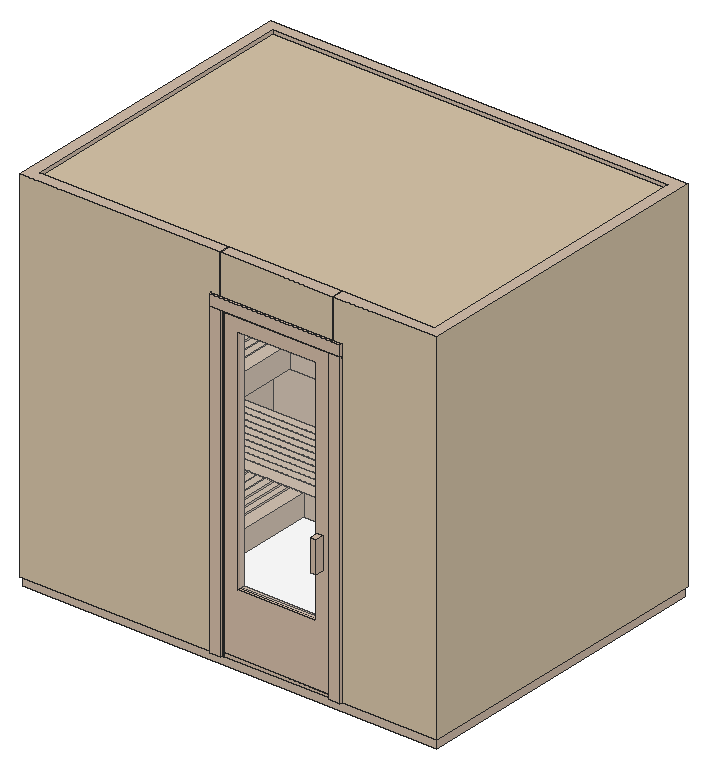
Revit family "Sauna-Room_Prefab_Finlandia_FPF-68", category Specialty Equipment, Revit 2026
Family settings
  Round Connector Dimension = Use Diameter
  Part Type = Normal
  Classification Number = 23.40.50.34.37
  Work Plane-Based = Yes
  Enable Cutting in Views = No
  Always vertical = No
  Cut with Voids When Loaded = No
  Maintain Annotation Orientation = No
  Shared = No
  Room Calculation Point = No
Parameters (values of type "Indoor Reversed as Specified")
  Warranty Duration (Years) = 0
  Wall Thickness = 0' - 2 1/2"
  Unit Width = 8' - 0"
  Unit Height = 7' - 1"
  Unit Depth = 6' - 0"
  URL = "http://www.finlandiasauna.com/index.html"
  UBRRO = 0' - 0"  # constant formula
  UBRLO = 0' - 0"  # constant formula
  Structural Frame Material [instance] = Wood - Red Cedar - Finlandia - Finish as Specified
  Standard = not(Reversed)  # no
  Specification = "http://www.arcat.com/sdspecs/htm/13052fin.htm"
  SpecWizard = ""
  Send Message = "http://www.arcat.com/users.pl?action=UserEmail&amp;company=Finlandia+Sauna+Products,+Inc.&amp;coid=32492&amp;rep=133&amp;fax=503-684-1120&amp;mf=95"
  Sales Information = "http://www.finlandiasauna.com/sauna-contactus.html"
  Revision = "R1_2014-07"
  Reversed = yes
  Product Properties = ""
  Product Data = "http://www.arcat.com/arcatcos/cos9532/arc32492.html"
  Model = "FPF 68"
  Manufacturer Website = "http://www.finlandiasauna.com/index.html"
  Manufacturer Phone - Toll Free = "800-354-3342"
  Manufacturer Phone = "503-684-8289"
  Manufacturer Fax = "503-684-1120"
  Manufacturer Address = "14010-B S.W. 72nd Ave.  Portland, OR 97224-0088"
  Manufacturer = "Finlandia Sauna Products, Inc."
  Maintenance Schedule (Months) = 0
  LBRRO = 0' - 0"  # constant formula
  LBRLO = 0' - 0"  # constant formula
  Keynote = "13052"
  Interior Finish [instance] = Wood - TnG - Finlandia - Red Cedar as Specified
  Installation-Fabrication = ""
  Installation Phase = ""
  Heater Type [instance] = SaunaHeater : FIN 3 kW
  Green Building-LEED = "http://www.arcat.com/green/clients95/leed_data_32492.html"
  Exterior Finish [instance] = Wood - Mahogany - Finlandia - Finish as Specified
  Exposed Base [instance] = 0' - 2"
  Expected Lifespan (Years) = 0
  Drawn By = "Sumex Design, Inc. / Robert S. Weygant, CSI, CDT, SCIP"
  DoorOffset = if(Reversed, Unit Width - 3' 10" - Door RO Width, 3' 10")  # 2' - 0"
  Door Slab Finish [instance] = Wood - Douglas Fir - Finlandia - Finish as Specified
  Door RO Width = 2' - 2"
  Door RO Height [instance] = 6' - 0"
  Door Glazing Finish [instance] = Glazing - Finlandia - Clear
  Door Frame Finish [instance] = Wood - Douglas Fir - Finlandia - Finish as Specified
  Description = "Finlandia Prefab Modular Sauna Room - FPF 68 as Specified"
  Default Elevation = 0' - 0"
  Copyright = "©Arcat Inc."
  Construction Details = "http://www.arcat.com/details/finsauna/95finsauna.html?coid=32492"
  Capacity = "6 People"
  Bench Slat Material [instance] = Wood - Red Cedar - Finlandia - Finish as Specified
  Assembly Code = "F1010300"
Types (2): name | Standard | Reversed | DoorOffset
  Indoor Reversed as Specified | no | yes | 2' - 0"
  Indoor Standard as Specified | yes | no | 3' - 10"
Reference planes (in)
  plane 1 "Center (Front/Back)": y = 0
  plane 2 "Bottom": z = 0
  plane 3 "Center (Left/Right)": x = 0
  plane 4 "Front": y = -36
  plane 5 "Back": y = 36
  plane 6 "Left": x = -48
  plane 7 "Right": x = 48
  plane 8 "Top": z = 85
  plane 9: x = -45.5
  plane 10: x = 45.5
  plane 11: y = 33.5
  plane 12: y = -33.5
  plane 13: z = 2
  plane 14: x = -2
  plane 15: x = 24
  plane 16: z = 74
Forms (in)
  Extrusion 1, solid, material "Wood - Red Cedar - Finlandia - Finish as Specified" <- "Structural Frame Material"
    sketch origin (0, 0, 0) x (1, 0, 0) y (0, 1, 0)
      loop
        line (-47.65625, 35.65625) -> (-47.65625, -35.65625) -> (47.65625, -35.65625) -> (47.65625, 35.65625) -> (-47.65625, 35.65625)
      loop
        line (-46.15625, 34.15625) -> (-46.15625, -34.15625) -> (46.15625, -34.15625) -> (46.15625, 34.15625) -> (-46.15625, 34.15625)
    from 0 to 2
  Extrusion 2, solid, material "Wood - Red Cedar - Finlandia - Finish as Specified" <- "Structural Frame Material"
    sketch origin (0, 0, 0) x (1, 0, 0) y (0, 1, 0)
      loop
        line (-45.5, -33.5) -> (-45.5, 33.5) -> (45.5, 33.5) -> (45.5, -33.5) -> (24, -33.5) -> (24, -36) -> (48, -36) -> (48, 36) -> (-48, 36) -> (-48, -36) -> (-2, -36) -> (-2, -33.5) -> (-45.5, -33.5)
    from 2 to 85
  Sweep 3, solid, material "Wood - Red Cedar - Finlandia - Finish as Specified" <- "Bench Slat Material", visible <- "Reversed"
    path origin (0, 0, 0) x (1, 0, 0) y (0, 1, 0)
      loop
        line (-45.5, -33.5) -> (-45.5, 13.5)
    profile "Bench : Bench" origin (-45.5, -10, 0) x (-1, 0, 0) y (0, 0, 1)
      loop
        line (0, 31.5) -> (0, 36) -> (-1.625, 36) -> (-1.625, 34.5) -> (-2, 34.5) -> (-2, 36) -> (-3.5, 36) -> (-3.5, 34.5) -> (-3.875, 34.5) -> (-3.875, 36) -> (-5.375, 36) -> (-5.375, 34.5) -> (-5.75, 34.5) -> (-5.75, 36) -> (-7.25, 36) -> (-7.25, 34.5) -> (-7.625, 34.5) -> (-7.625, 36) -> (-9.125, 36) -> (-9.125, 34.5) -> (-9.5, 34.5) -> (-9.5, 36) -> (-11, 36) -> (-11, 34.5) -> (-11.375, 34.5) -> (-11.375, 36) -> (-12.875, 36) -> (-12.875, 34.5) -> (-13.25, 34.5) -> (-13.25, 36) -> (-14.75, 36) -> (-14.75, 34.5) -> (-15.125, 34.5) -> (-15.125, 36) -> (-16.625, 36) -> (-16.625, 34.5) -> (-17, 34.5) -> (-17, 36) -> (-20, 36) -> (-20, 31) -> (-18.5, 31) -> (-18.5, 31.5) -> (0, 31.5)
  Sweep 4, solid, material "Wood - Red Cedar - Finlandia - Finish as Specified" <- "Bench Slat Material", visible <- "Standard"
    path origin (0, 0, 0) x (-1, 0, 0) y (0, 1, 0)
      loop
        line (-45.5, -33.5) -> (-45.5, 13.5)
    profile "Bench : Bench" origin (45.5, -10, 0) x (-1, 0, 0) y (0, 0, 1)
      loop
        line (0, 31.5) -> (18.5, 31.5) -> (18.5, 31) -> (20, 31) -> (20, 36) -> (17, 36) -> (17, 34.5) -> (16.625, 34.5) -> (16.625, 36) -> (15.125, 36) -> (15.125, 34.5) -> (14.75, 34.5) -> (14.75, 36) -> (13.25, 36) -> (13.25, 34.5) -> (12.875, 34.5) -> (12.875, 36) -> (11.375, 36) -> (11.375, 34.5) -> (11, 34.5) -> (11, 36) -> (9.5, 36) -> (9.5, 34.5) -> (9.125, 34.5) -> (9.125, 36) -> (7.625, 36) -> (7.625, 34.5) -> (7.25, 34.5) -> (7.25, 36) -> (5.75, 36) -> (5.75, 34.5) -> (5.375, 34.5) -> (5.375, 36) -> (3.875, 36) -> (3.875, 34.5) -> (3.5, 34.5) -> (3.5, 36) -> (2, 36) -> (2, 34.5) -> (1.625, 34.5) -> (1.625, 36) -> (0, 36) -> (0, 31.5)
  Sweep 5, solid, material "Wood - Red Cedar - Finlandia - Finish as Specified" <- "Bench Slat Material"
    path origin (-77.70319, 6.79815, 0) x (-1, 0, 0) y (0, 1, 0)
      loop
        line (-123.20319, 26.70185) -> (-32.20319, 26.70185)
    profile "Bench : Bench" origin (0, 33.5, 0) x (0, -1, 0) y (0, 0, 1)
      loop
        line (0, 31.5) -> (18.5, 31.5) -> (18.5, 31) -> (20, 31) -> (20, 36) -> (17, 36) -> (17, 34.5) -> (16.625, 34.5) -> (16.625, 36) -> (15.125, 36) -> (15.125, 34.5) -> (14.75, 34.5) -> (14.75, 36) -> (13.25, 36) -> (13.25, 34.5) -> (12.875, 34.5) -> (12.875, 36) -> (11.375, 36) -> (11.375, 34.5) -> (11, 34.5) -> (11, 36) -> (9.5, 36) -> (9.5, 34.5) -> (9.125, 34.5) -> (9.125, 36) -> (7.625, 36) -> (7.625, 34.5) -> (7.25, 34.5) -> (7.25, 36) -> (5.75, 36) -> (5.75, 34.5) -> (5.375, 34.5) -> (5.375, 36) -> (3.875, 36) -> (3.875, 34.5) -> (3.5, 34.5) -> (3.5, 36) -> (2, 36) -> (2, 34.5) -> (1.625, 34.5) -> (1.625, 36) -> (0, 36) -> (0, 31.5)
  Sweep 6, solid, material "Wood - Red Cedar - Finlandia - Finish as Specified" <- "Bench Slat Material"
    path origin (-77.70319, -13.20185, 0) x (-1, 0, 0) y (0, 1, 0)
      loop
        line (-123.20319, 30.70185) -> (-32.20319, 30.70185)
    profile "Bench : Bench" origin (0, 17.5, 0) x (0, -1, 0) y (0, 0, 1)
      loop
        line (0, 13.5) -> (18.5, 13.5) -> (18.5, 13) -> (20, 13) -> (20, 18) -> (17, 18) -> (17, 16.5) -> (16.625, 16.5) -> (16.625, 18) -> (15.125, 18) -> (15.125, 16.5) -> (14.75, 16.5) -> (14.75, 18) -> (13.25, 18) -> (13.25, 16.5) -> (12.875, 16.5) -> (12.875, 18) -> (11.375, 18) -> (11.375, 16.5) -> (11, 16.5) -> (11, 18) -> (9.5, 18) -> (9.5, 16.5) -> (9.125, 16.5) -> (9.125, 18) -> (7.625, 18) -> (7.625, 16.5) -> (7.25, 16.5) -> (7.25, 18) -> (5.75, 18) -> (5.75, 16.5) -> (5.375, 16.5) -> (5.375, 18) -> (3.875, 18) -> (3.875, 16.5) -> (3.5, 16.5) -> (3.5, 18) -> (2, 18) -> (2, 16.5) -> (1.625, 16.5) -> (1.625, 18) -> (0, 18) -> (0, 13.5)
  Sweep 7, solid, material "Wood - Red Cedar - Finlandia - Finish as Specified" <- "Bench Slat Material", visible <- "Reversed"
    path origin (20, 0, 0) x (1, 0, 0) y (0, 1, 0)
      loop
        line (-49.5, -33.5) -> (-49.5, -2.5)
    profile "Bench : Bench" origin (-29.5, -18, 0) x (-1, 0, 0) y (0, 0, 1)
      loop
        line (0, 13.5) -> (0, 18) -> (-1.625, 18) -> (-1.625, 16.5) -> (-2, 16.5) -> (-2, 18) -> (-3.5, 18) -> (-3.5, 16.5) -> (-3.875, 16.5) -> (-3.875, 18) -> (-5.375, 18) -> (-5.375, 16.5) -> (-5.75, 16.5) -> (-5.75, 18) -> (-7.25, 18) -> (-7.25, 16.5) -> (-7.625, 16.5) -> (-7.625, 18) -> (-9.125, 18) -> (-9.125, 16.5) -> (-9.5, 16.5) -> (-9.5, 18) -> (-11, 18) -> (-11, 16.5) -> (-11.375, 16.5) -> (-11.375, 18) -> (-12.875, 18) -> (-12.875, 16.5) -> (-13.25, 16.5) -> (-13.25, 18) -> (-14.75, 18) -> (-14.75, 16.5) -> (-15.125, 16.5) -> (-15.125, 18) -> (-16.625, 18) -> (-16.625, 16.5) -> (-17, 16.5) -> (-17, 18) -> (-20, 18) -> (-20, 13) -> (-18.5, 13) -> (-18.5, 13.5) -> (0, 13.5)
  Sweep 8, solid, material "Wood - Red Cedar - Finlandia - Finish as Specified" <- "Bench Slat Material", visible <- "Standard"
    path origin (-20, 0, 0) x (-1, 0, 0) y (0, 1, 0)
      loop
        line (-49.5, -33.5) -> (-49.5, -2.5)
    profile "Bench : Bench" origin (29.5, -18, 0) x (-1, 0, 0) y (0, 0, 1)
      loop
        line (0, 13.5) -> (18.5, 13.5) -> (18.5, 13) -> (20, 13) -> (20, 18) -> (17, 18) -> (17, 16.5) -> (16.625, 16.5) -> (16.625, 18) -> (15.125, 18) -> (15.125, 16.5) -> (14.75, 16.5) -> (14.75, 18) -> (13.25, 18) -> (13.25, 16.5) -> (12.875, 16.5) -> (12.875, 18) -> (11.375, 18) -> (11.375, 16.5) -> (11, 16.5) -> (11, 18) -> (9.5, 18) -> (9.5, 16.5) -> (9.125, 16.5) -> (9.125, 18) -> (7.625, 18) -> (7.625, 16.5) -> (7.25, 16.5) -> (7.25, 18) -> (5.75, 18) -> (5.75, 16.5) -> (5.375, 16.5) -> (5.375, 18) -> (3.875, 18) -> (3.875, 16.5) -> (3.5, 16.5) -> (3.5, 18) -> (2, 18) -> (2, 16.5) -> (1.625, 16.5) -> (1.625, 18) -> (0, 18) -> (0, 13.5)
  Extrusion 9, solid, material "Wood - Red Cedar - Finlandia - Finish as Specified" <- "Structural Frame Material"
    sketch origin (-43.59721, -180, 85) x (-1, 0, 0) y (0, -1, 0)
      loop
        line (-41.59721, -146.5) -> (-41.59721, -144) -> (-67.59721, -144) -> (-67.59721, -146.5) -> (-41.59721, -146.5)
    from 0 to -11
  Extrusion 10, solid, material "Wood - Mahogany - Finlandia - Finish as Specified" <- "Exterior Finish"
    sketch origin (-43.59721, -180, 85) x (-1, 0, 0) y (0, -1, 0)
      loop
        line (1.90279, -213.5) -> (1.90279, -146.5) -> (-89.09721, -146.5) -> (-89.09721, -213.5) -> (1.90279, -213.5)
    from -3.875 to -0.75
  Extrusion 11, solid, material "Wood - Red Cedar - Finlandia - Finish as Specified" <- "Bench Slat Material", visible <- "Standard"
    sketch origin (0, 0, 0) x (1, 0, 0) y (0, 1, 0)
      loop
        line (-32, -33.5) -> (-30.5, -33.5) -> (-30.5, -8.5) -> (-45.5, -8.5) -> (-45.5, -10) -> (-32, -10) -> (-32, -33.5)
    from 0 to 31.5
  Extrusion 12, solid, material "Wood - Red Cedar - Finlandia - Finish as Specified" <- "Bench Slat Material", visible <- "Reversed"
    sketch origin (0, 0, 0) x (-1, 0, 0) y (0, -1, 0)
      loop
        line (-32, 33.5) -> (-32, 10) -> (-45.5, 10) -> (-45.5, 8.5) -> (-30.5, 8.5) -> (-30.5, 33.5) -> (-32, 33.5)
    from 0 to 31.5
Dimensions and locks (in)
  equal spacing: plane 6 "Left", plane 3 "Center (Left/Right)", plane 7 "Right"
  "Unit Width": plane 6 "Left" to plane 7 "Right"
  equal spacing: plane 5 "Back", plane 1 "Center (Front/Back)", plane 4 "Front"
  "Unit Depth": plane 5 "Back" to plane 4 "Front"
  "Unit Height": plane 8 "Top" to level
  "Wall Thickness": plane 5 "Back" to plane 11
  "Wall Thickness": plane 12 to plane 4 "Front"
  "Wall Thickness": plane 6 "Left" to plane 9
  "Wall Thickness": plane 10 to plane 7 "Right"
  "Exposed Base": plane 13 to level
  plane 6 "Left" to Extrusion 1 sketch curve to Extrusion 1 sketch curve = 0' - 0 11/32" locked, 0' - 1 1/2" locked
  Extrusion 1 sketch curve to Extrusion 1 sketch curve to plane 7 "Right" = 0' - 1 1/2" locked, 0' - 0 11/32" locked
  plane 5 "Back" to Extrusion 1 sketch curve to Extrusion 1 sketch curve = 0' - 0 11/32" locked, 0' - 1 1/2" locked
  Extrusion 1 sketch curve to Extrusion 1 sketch curve to plane 4 "Front" = 0' - 1 1/2" locked, 0' - 0 11/32" locked
  "Door RO Width": plane 14 to plane 15
  "DoorOffset": plane 15 to plane 7 "Right"
  locked: plane 11 to Sweep 6 sketch curve at 16
  "LBRLO": plane 9 to Sweep 6 sketch curve
  "LBRRO": Sweep 6 sketch curve to plane 10
  locked: plane 11 to Sweep 3 sketch curve at 20
  locked: plane 11 to Sweep 4 sketch curve at 20
  locked: plane 9 to Sweep 7 sketch curve at 16
  locked: plane 11 to Sweep 7 sketch curve at 36
  locked: plane 11 to Sweep 8 sketch curve at 36
  locked: Sweep 8 sketch curve to plane 10 at 16
  "UBRRO": Sweep 5 sketch curve to plane 10
  "UBRLO": plane 9 to Sweep 5 sketch curve
  "Door RO Height": plane 16 to plane 13
  locked: plane 9 to nested 2 at 1
  locked: nested 3 to plane 10 at 1
  locked: nested 2 to plane 12 at 1
  locked: nested 3 to plane 12 at 1
  plane 9 to Extrusion 11 sketch curve to Extrusion 11 sketch curve = 1' - 1 1/2" locked, 0' - 1 1/2" locked
  Extrusion 12 sketch curve to Extrusion 12 sketch curve to plane 10 = 0' - 1 1/2" locked, 1' - 1 1/2" locked
  aligned: Extrusion 1 to plane 13
  aligned and locked: Extrusion 2 sketch curve to plane 9
  aligned and locked: Extrusion 2 sketch curve to plane 11
  aligned and locked: Extrusion 2 sketch curve to plane 10
  aligned and locked: Extrusion 2 sketch curve to plane 12
  aligned and locked: Extrusion 2 to plane 13
  aligned and locked: Extrusion 1 to plane 13
  aligned and locked: Extrusion 2 sketch curve to plane 4 "Front"
  aligned and locked: Extrusion 2 sketch curve to plane 7 "Right"
  aligned and locked: Extrusion 2 sketch curve to plane 5 "Back"
  aligned and locked: Extrusion 2 sketch curve to plane 6 "Left"
  aligned and locked: Extrusion 2 to plane 8 "Top"
  aligned and locked: Sweep 5 sketch curve to plane 11
  aligned and locked: plane 12 to Sweep 3 sketch curve
  aligned and locked: Sweep 3 sketch curve to plane 9
  aligned and locked: Sweep 4 sketch curve to plane 10
  aligned and locked: Sweep 4 sketch curve to plane 12
  aligned and locked: plane 12 to Sweep 7 sketch curve
  aligned and locked: Sweep 8 sketch curve to plane 12
  aligned and locked: plane 15 to nested 1
  aligned and locked: plane 12 to nested 1
  aligned and locked: Extrusion 2 sketch curve to plane 14
  aligned and locked: Extrusion 2 sketch curve to plane 15
  aligned and locked: Extrusion 9 sketch curve to plane 12
  aligned and locked: Extrusion 9 sketch curve to plane 15
  aligned and locked: plane 14 to Extrusion 9 sketch curve
  aligned and locked: Extrusion 9 sketch curve to plane 4 "Front"
  aligned and locked: Extrusion 9 to plane 16
  aligned and locked: Extrusion 10 sketch curve to plane 11
  aligned and locked: Extrusion 10 sketch curve to plane 9
  aligned and locked: Extrusion 10 sketch curve to plane 12
  aligned and locked: Extrusion 10 sketch curve to plane 10
  aligned and locked: Extrusion 11 sketch curve to plane 9
  aligned and locked: Extrusion 12 sketch curve to plane 10
Automatic sketch dimensions
  Extrusion 2 sketch curve to plane 4 "Front" = 0' - 0"
  plane 12 to Extrusion 2 sketch curve = 0' - 0"
  Extrusion 11 sketch curve to plane 12 = 0' - 0"
  plane 1 "Center (Front/Back)" to Extrusion 11 sketch curve = 0' - 10"
  Extrusion 11 sketch curve to Extrusion 11 sketch curve = 0' - 1 1/2"
  plane 12 to Extrusion 12 sketch curve = 0' - 0"
  Extrusion 12 sketch curve to plane 1 "Center (Front/Back)" = 0' - 10"
  Extrusion 12 sketch curve to Extrusion 12 sketch curve = 0' - 1 1/2"
Nested families (in)
  nested 1: "Door" at (11, -34.75, 2), Swing Right <- "Standard", Swing Left <- "Reversed", frame finish <- "Door Frame Finish", glazing <- "Door Glazing Finish", door finish <- "Door Slab Finish", Wall Thickness <- "Wall Thickness", Rough Width <- "Door RO Width", Rough Height <- "Door RO Height", type "Standard"
    with glazing Glazing - Finlandia - Clear, frame finish Wood - Douglas Fir - Finlandia - Finish as Specified, door finish Wood - Douglas Fir - Finlandia - Finish as Specified, built-in parameter 1001301 2' - 0", Wall Thickness 0' - 2 1/2", Swing Right no, Swing Left yes, built-in parameter 1001305 2' - 2", built-in parameter 1001304 6' - 0"
  nested 2: "SaunaHeater" at (-39, -24.5, 0) x (0, 1, 0) z (0, 0, 1), visible <- "Standard", type <- "Heater Type", type "FIN 3 kW"
    with Width 1' - 4", Height 2' - 0", Depth 0' - 11"
  nested 3: "SaunaHeater" at (39, -24.5, 0) x (0, 1, 0) z (0, 0, 1), visible <- "Reversed", type <- "Heater Type", type "FIN 3 kW"
    with Width 1' - 4", Height 2' - 0", Depth 0' - 11"
Connectors (in)
  electrical at (0, 0, 84.25)
    settings: on Extrusion 10, index 1, voltage 0 V, apparent load 0 VA, apparent load phase1 0 VA, apparent load phase2 0 VA, apparent load phase3 0 VA, power factor 1, load classification "Other", number of poles 1, system type 31, power factor state 1, is connector primary yes, connector utility no, sub classification motor no, connector description ""
Definition of nested family "Door"
  Parameters
    glazing [instance] = none
    frame finish [instance] = none
    door finish [instance] = none
    Width [instance] = Rough Width - 0' 2"  # 2' - 0"
    Wall Thickness [instance] = 1' - 2"
    Swing Right [instance] = yes
    Swing Left [instance] = yes
    Rough Width [instance] = 2' - 2"
    Rough Height [instance] = 4' - 11.36872"
    Default Elevation = 4' - 0"
    Assembly Code = ""
  Reference planes (in)
    plane 1 "Center (Front/Back)": y = 0
    plane 2: z = 0
    plane 3 "Center (Left/Right)": x = 0
    plane 4: x = -13
    plane 5: x = 13
    plane 6: y = 7
    plane 7: y = -7
    plane 8: z = 59.36872
    plane 9: x = -15
    plane 10: x = 15
    plane 11: y = -31
  Forms (in)
    Extrusion 1, solid, material <- "frame finish"
      sketch origin (-22.33749, -180, 59.36872) x (-1, 0, 0) y (0, -1, 0)
        loop
          line (-9.33749, -187) -> (-9.33749, -173) -> (-7.33749, -173) -> (-7.33749, -172.5) -> (-9.83749, -172.5) -> (-9.83749, -173) -> (-10.33749, -173) -> (-10.33749, -187.5) -> (-7.33749, -187.5) -> (-7.33749, -187) -> (-9.33749, -187)
        loop
          line (-35.33749, -187) -> (-37.33749, -187) -> (-37.33749, -187.5) -> (-34.33749, -187.5) -> (-34.33749, -173) -> (-34.83749, -173) -> (-34.83749, -172.5) -> (-37.33749, -172.5) -> (-37.33749, -173) -> (-35.33749, -173) -> (-35.33749, -187)
      from -59.36872 to -0.5
    Extrusion 2, solid, material <- "frame finish"
      sketch origin (0, 0, 0) x (0, 1, 0) y (0, 0, 1)
        loop
          line (7, 58.36872) -> (7, 58.86872) -> (7.5, 58.86872) -> (7.5, 61.36872) -> (7, 61.36872) -> (7, 59.36872) -> (-7, 59.36872) -> (-7, 61.36872) -> (-7.5, 61.36872) -> (-7.5, 58.86872) -> (-7, 58.86872) -> (-7, 58.36872) -> (7, 58.36872)
      from -15 to 15
    Extrusion 3, solid, material <- "frame finish"
      sketch origin (0, 0, 0) x (1, 0, 0) y (0, 1, 0)
        loop
          line (-12, -5.25) -> (-11.25, -5.25) -> (-11.25, -4.375) -> (-12, -4.375) -> (-12, -5.25)
        loop
          line (12, -5.25) -> (12, -4.375) -> (11.25, -4.375) -> (11.25, -5.25) -> (12, -5.25)
      from 0 to 59.36872
    Extrusion 4, solid, material <- "frame finish"
      sketch origin (0, 0, 0) x (0, 1, 0) y (0, 0, 1)
        loop
          line (-5.25, 58.36872) -> (-5.25, 57.86872) -> (-4.375, 57.86872) -> (-4.375, 58.36872) -> (-5.25, 58.36872)
      from -13 to 13
    Extrusion 5, solid, material <- "door finish"
      sketch origin (-22.31101, -7, 48) x (-1, 0, 0) y (0, 0, 1)
        loop
          line (-34.31101, -47.25) -> (-10.31101, -47.25) -> (-10.31101, 10.36872) -> (-34.31101, 10.36872) -> (-34.31101, -47.25)
        loop
          line (-13.31101, 7.36872) -> (-31.31101, 7.36872) -> (-31.31101, -33.25) -> (-13.31101, -33.25) -> (-13.31101, 7.36872)
      from 0 to 1.75
    Extrusion 6, solid, material <- "frame finish"
      sketch origin (0, 0, 0) x (0, 1, 0) y (0, 0, 1)
        loop
          line (-7, 0.75) -> (-7, 0) -> (7, 0) -> (7, 0.75) -> (-7, 0.75)
      from -13 to 13
    Extrusion 7, solid, material <- "glazing"
      sketch origin (-22.31101, -7, 48) x (-1, 0, 0) y (0, 0, 1)
        loop
          line (-13.31101, 7.36872) -> (-31.31101, 7.36872) -> (-31.31101, -33.25) -> (-13.31101, -33.25) -> (-13.31101, 7.36872)
      from 1.125 to 0.625
    Extrusion 8, solid, material <- "door finish", visible <- "Swing Right"
      sketch origin (-22.31101, -7, 48) x (-1, 0, 0) y (0, 0, 1)
        loop
          line (-11.5611, -15.059) -> (-12.8111, -15.059) -> (-12.8111, -22.309) -> (-11.5611, -22.309) -> (-11.5611, -15.059)
      from 0 to -2
    Extrusion 9, solid, material <- "door finish", visible <- "Swing Left"
      sketch origin (-22.31101, -7, 48) x (-1, 0, 0) y (0, 0, 1)
        loop
          line (-33.06091, -15.059) -> (-33.06091, -22.309) -> (-31.81091, -22.309) -> (-31.81091, -15.059) -> (-33.06091, -15.059)
      from 0 to -2
  Lines and regions (in)
    symbolic lines, visible <- "Swing Right"
      curve 1: line (12, -7, 0) -> (12, -31, 0)
      curve 2: arc (12, -31, 0) -> (-4.97056, -23.97056, 0) -> (-12, -7, 0) r 24
    symbolic lines, visible <- "Swing Left"
      curve 3: arc (-12, -31, 0) -> (4.97056, -23.97056, 0) -> (12, -7, 0) r 24
      curve 4: line (-12, -31, 0) -> (-12, -7, 0)
  Dimensions and locks (in)
    equal spacing: plane 6, plane 1 "Center (Front/Back)", plane 7
    "Wall Thickness": plane 6 to plane 7
    equal spacing: plane 4, plane 3 "Center (Left/Right)", plane 5
    "Rough Width": plane 4 to plane 5
    "Rough Height": plane 8 to level
    Extrusion 1 sketch curve to plane 4 to Extrusion 1 sketch curve = 0' - 2" locked, 0' - 1" locked
    locked: Extrusion 1 sketch curve to plane 6 at 0.5  (x2)
    locked: plane 7 to Extrusion 1 sketch curve at 0.5  (x2)
    Extrusion 1 sketch curve to plane 4 to Extrusion 1 sketch curve = 0' - 2" locked, 0' - 0 1/2" locked
    Extrusion 1 sketch curve to plane 5 to Extrusion 1 sketch curve = 0' - 1" locked, 0' - 2" locked
    Extrusion 1 sketch curve to plane 5 to Extrusion 1 sketch curve = 0' - 0 1/2" locked, 0' - 2" locked
    Extrusion 2 sketch curve to plane 8 to Extrusion 2 sketch curve = 0' - 2" locked, 0' - 0 1/2" locked
    locked: Extrusion 2 sketch curve to plane 7 at 0.5
    locked: plane 6 to Extrusion 2 sketch curve at 0.5
    Extrusion 2 sketch curve to plane 8 to Extrusion 2 sketch curve to Extrusion 2 sketch curve = 0' - 2" locked, 0' - 0 1/2" locked, 0' - 0 1/2" locked
    Extrusion 3 sketch curve to Extrusion 3 sketch curve to plane 7 = 0' - 0 7/8" locked, 0' - 1 3/4" locked
    locked: Extrusion 3 sketch curve to Extrusion 3 sketch curve at 0.875
    locked: Extrusion 3 sketch curve to plane 7 at 1.75
    Extrusion 3 sketch curve to Extrusion 3 sketch curve to plane 5 = 0' - 0 3/4" locked, 0' - 1" locked
    plane 4 to Extrusion 3 sketch curve to Extrusion 3 sketch curve = 0' - 1" locked, 0' - 0 3/4" locked
    plane 7 to Extrusion 4 sketch curve to Extrusion 4 sketch curve = 0' - 1 3/4" locked, 0' - 0 7/8" locked
    plane 8 to Extrusion 4 sketch curve to Extrusion 4 sketch curve = 0' - 1" locked, 0' - 0 1/2" locked
    locked: plane 4 to plane 9 at 2
    locked: plane 10 to plane 5 at 2
    locked: Extrusion 5 sketch curve to plane 4 at 1
    locked: plane 5 to Extrusion 5 sketch curve at 1
    locked: plane 8 to Extrusion 5 sketch curve at 1
    locked: Extrusion 5 sketch curve to level at 0.75
    locked: Extrusion 6 sketch curve to level at 0.75
    locked: Extrusion 5 sketch curve to Extrusion 5 sketch curve at 3  (x3)
    locked: Extrusion 5 sketch curve to level at 14.75
    locked: Extrusion 7 sketch curve to level at 14.75
    locked: plane 8 to Extrusion 7 sketch curve at 4
    locked: Extrusion 7 sketch curve to plane 4 at 4
    locked: plane 5 to Extrusion 7 sketch curve at 4
    "Width": plane 7 to plane 11
    Extrusion 8 sketch curve to Extrusion 8 sketch curve to level = 0' - 7 1/4" locked, 2' - 1.691" locked
    locked: Extrusion 9 sketch curve to Extrusion 9 sketch curve at 7.25
    plane 5 to Extrusion 9 sketch curve to Extrusion 9 sketch curve = 0' - 2.25009" locked, 0' - 1 1/4" locked
    locked: Extrusion 9 sketch curve to level at 25.691
    Extrusion 8 sketch curve to Extrusion 8 sketch curve to plane 4 = 0' - 1 1/4" locked, 0' - 2.25009" locked
    aligned and locked: plane 2 to level
    aligned and locked: Extrusion 1 sketch curve to plane 4
    aligned and locked: plane 6 to Extrusion 1 sketch curve
    aligned and locked: Extrusion 1 sketch curve to plane 7  (x2)
    aligned and locked: plane 7 to Extrusion 1 sketch curve  (x2)
    aligned and locked: Extrusion 1 sketch curve to plane 5
    aligned and locked: Extrusion 1 sketch curve to plane 6
    aligned: plane 8 to Extrusion 1
    aligned and locked: plane 8 to Extrusion 2 sketch curve
    aligned and locked: plane 7 to Extrusion 2 sketch curve
    aligned and locked: Extrusion 2 sketch curve to plane 6
    aligned and locked: Extrusion 2 sketch curve to plane 7
    aligned and locked: plane 6 to Extrusion 2 sketch curve
    aligned and locked: plane 8 to Extrusion 3
    aligned and locked: plane 5 to Extrusion 4
    aligned and locked: Extrusion 4 to plane 4
    aligned and locked: plane 9 to Extrusion 2
    aligned and locked: Extrusion 2 to plane 10
    aligned and locked: Extrusion 6 sketch curve to plane 7
    aligned and locked: plane 6 to Extrusion 6 sketch curve
    aligned and locked: Extrusion 6 sketch curve to level
    aligned and locked: plane 5 to Extrusion 6
    aligned and locked: Extrusion 6 to plane 4
    aligned and locked: Extrusion 1 to level
  Automatic sketch dimensions
    curve 3 to plane 7 = 0' - 0"
    curve 4 to plane 11 = 0' - 0"
    curve 4 to plane 7 = 0' - 0"
    plane 4 to curve 3 = 0' - 1"
Definition of nested family "SaunaHeater"
  Parameters
    Width = 1' - 8 1/8"
    Height = 2' - 8"
    Depth = 1' - 8 1/8"
    Default Elevation = 0' - 0"
  Reference planes (in)
    plane 1 "Center (Front/Back)": y = 0
    plane 2: z = 0
    plane 3 "Center (Left/Right)": x = 0
    plane 4: x = -10.0625
    plane 5: x = 10.0625
    plane 6: y = 10.0625
    plane 7: y = -10.0625
    plane 8: z = 32
  Forms (in)
    Extrusion 1, solid
      sketch origin (0, 0, 0) x (1, 0, 0) y (0, 1, 0)
        loop
          line (-10.0625, 10.0625) -> (-10.0625, -10.0625) -> (10.0625, -10.0625) -> (10.0625, 10.0625) -> (-10.0625, 10.0625)
      from 0 to 32
  Dimensions and locks (in)
    equal spacing: plane 4, plane 3 "Center (Left/Right)", plane 5
    equal spacing: plane 6, plane 1 "Center (Front/Back)", plane 7
    "Depth": plane 6 to plane 7
    "Width": plane 4 to plane 5
    "Height": plane 8 to level
    aligned and locked: level to plane 2
    aligned and locked: Extrusion 1 sketch curve to plane 6
    aligned and locked: plane 4 to Extrusion 1 sketch curve
    aligned and locked: plane 7 to Extrusion 1 sketch curve
    aligned and locked: Extrusion 1 sketch curve to plane 5
    aligned and locked: plane 8 to Extrusion 1
